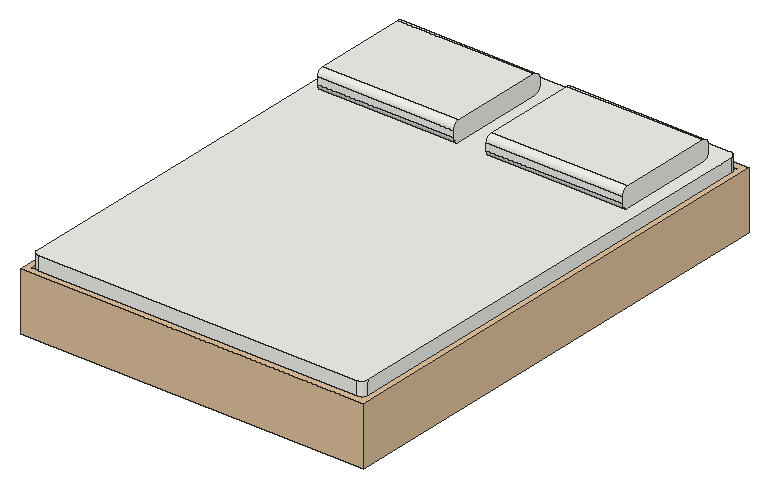
Revit family
Parameters (values of type "1346 x 1880mm - Double")
  Material Frame = Wood - Birch
  Length = 1880.00 mm
  Material Mattress = Textile - White
  Width = 1346.00 mm
  Keynote = "N"
  Assembly Code = ""
Types (3, lengths in mm): name | Length | Width
  1346 x 1880mm - Double | 1880.00 | 1346.00
  1525 x 2007mm - Queen | 2007.00 | 1525.00
  0965 x 1880mm - Twin | 1880.00 | 965.00
Reference planes
  plane 1 "Center (Front/Back)": y = -234.43
  plane 2: z = 0
  plane 3 "Center (Left/Right)": x = 339.152
  plane 4: y = 705.57
  plane 5: y = -1174.43
  plane 6: x = -333.848
  plane 7: x = 1012.152
  plane 8: z = 177.8
  plane 9: y = 603.97
  plane 10: y = 184.87
Forms (mm)
  Sweep 1, solid, material "Wood - Birch" <- "Material Frame"
    path origin (0, -1174.43, 0) x (1, 0, 0) y (0, 0, 1)
      loop
        line (-308.448, 177.8) -> (-257.648, 177.8) -> (-181.577, 14.665)
        arc (-181.577, 14.665) -> (-172.204, 3.978) -> (-158.556, 0) r 25.4
        line (-158.556, 0) -> (-79.944, 0)
        arc (-79.944, 0) -> (-73.37, 0.865) -> (-67.244, 3.403) r 25.4
        line (-67.244, 3.403) -> (-7.147, 38.1) -> (685.452, 38.1) -> (745.549, 3.403)
        arc (745.549, 3.403) -> (751.675, 0.865) -> (758.249, 0) r 25.4
        line (758.249, 0) -> (836.861, 0)
        arc (836.861, 0) -> (850.509, 3.978) -> (859.882, 14.665) r 25.4
        line (859.882, 14.665) -> (935.952, 177.8) -> (986.752, 177.8)
    profile origin (-283.048, -1237.93, 0) x (0, 0, 1) y (0, -1, 0)
      loop
        line (196.85, -292.1) -> (177.8, -292.1) -> (177.8, -368.3) -> (196.85, -368.3) -> (196.85, -292.1)
  Extrusion 2, solid, material "Textile - White" <- "Material Mattress"
    sketch origin (0, 0, 406.4) x (1, 0, 0) y (0, 1, 0)
      loop
        line (961.352, 680.17) -> (-283.048, 680.17)
        arc (-283.048, 680.17) -> (-301.008, 672.731) -> (-308.448, 654.77) r 25.4
        line (-308.448, 654.77) -> (-308.448, -1123.63)
        arc (-308.448, -1123.63) -> (-301.008, -1141.59) -> (-283.048, -1149.03) r 25.4
        line (-283.048, -1149.03) -> (961.352, -1149.03)
        arc (961.352, -1149.03) -> (979.313, -1141.59) -> (986.752, -1123.63) r 25.4
        line (986.752, -1123.63) -> (986.752, 654.77)
        arc (986.752, 654.77) -> (979.313, 672.731) -> (961.352, 680.17) r 25.4
    from 0 to -203.2
  Sweep 3, solid, material "Wood - Birch" <- "Material Frame"
    path origin (0, 705.57, 0) x (1, 0, 0) y (0, 0, 1)
      loop
        line (-308.123, 177.8) -> (-257.323, 177.8) -> (-181.252, 14.665)
        arc (-181.252, 14.665) -> (-171.88, 3.978) -> (-158.232, 0) r 25.4
        line (-158.232, 0) -> (-79.62, 0)
        arc (-79.62, 0) -> (-73.046, 0.865) -> (-66.92, 3.403) r 25.4
        line (-66.92, 3.403) -> (-6.823, 38.1) -> (685.452, 38.1) -> (745.549, 3.403)
        arc (745.549, 3.403) -> (751.675, 0.865) -> (758.249, 0) r 25.4
        line (758.249, 0) -> (836.861, 0)
        arc (836.861, 0) -> (850.509, 3.978) -> (859.882, 14.665) r 25.4
        line (859.882, 14.665) -> (935.952, 177.8) -> (986.752, 177.8)
    profile origin (-282.723, 769.07, 0) x (0, 0, 1) y (0, -1, 0)
      loop
        line (177.8, 393.7) -> (177.8, 317.5) -> (196.85, 317.5) -> (196.85, 393.7) -> (177.8, 393.7)
  Extrusion 4, solid, material "Wood - Birch" <- "Material Frame"
    sketch origin (0, 0, 0) x (1, 0, 0) y (0, 1, 0)
      loop
        line (-333.848, 705.57) -> (-333.848, -1174.43) -> (1012.152, -1174.43) -> (1012.152, 705.57) -> (-333.848, 705.57)
      loop
        line (-308.448, 680.17) -> (-308.448, -1149.03) -> (986.752, -1149.03) -> (986.752, 680.17) -> (-308.448, 680.17)
    from 127 to 355.6
  Sweep 5, solid, material "Textile - White" <- "Material Mattress"
    path origin (0, 0, 0) x (1, 0, 0) y (0, 1, 0)
      loop
        line (-257.648, 603.97) -> (275.652, 603.97)
    profile origin (9.002, 0, 0) x (0, 1, 0) y (0, 0, 1)
      loop
        line (210.27, 406.4) -> (578.57, 406.4)
        arc (578.57, 406.4) -> (596.531, 413.839) -> (603.97, 431.8) r 25.4
        line (603.97, 431.8) -> (603.97, 457.2)
        arc (603.97, 457.2) -> (596.531, 475.161) -> (578.57, 482.6) r 25.4
        line (578.57, 482.6) -> (210.27, 482.6)
        arc (210.27, 482.6) -> (192.31, 475.161) -> (184.87, 457.2) r 25.4
        line (184.87, 457.2) -> (184.87, 431.8)
        arc (184.87, 431.8) -> (192.31, 413.839) -> (210.27, 406.4) r 25.4
  Sweep 6, solid, material "Textile - White" <- "Material Mattress"
    path origin (749.3, 0, 0) x (1, 0, 0) y (0, 1, 0)
      loop
        line (-346.648, 603.97) -> (186.652, 603.97)
    profile origin (669.302, 0, 0) x (0, 1, 0) y (0, 0, 1)
      loop
        line (210.27, 406.4) -> (578.57, 406.4)
        arc (578.57, 406.4) -> (596.531, 413.839) -> (603.97, 431.8) r 25.4
        line (603.97, 431.8) -> (603.97, 457.2)
        arc (603.97, 457.2) -> (596.531, 475.161) -> (578.57, 482.6) r 25.4
        line (578.57, 482.6) -> (210.27, 482.6)
        arc (210.27, 482.6) -> (192.31, 475.161) -> (184.87, 457.2) r 25.4
        line (184.87, 457.2) -> (184.87, 431.8)
        arc (184.87, 431.8) -> (192.31, 413.839) -> (210.27, 406.4) r 25.4
Lines and regions (mm)
  Masking region 1
    outline origin (0, 0, 0) x (1, 0, 0) y (0, 1, 0)
      loop
        line (-333.848, 705.57) -> (-333.848, -1174.43) -> (1012.152, -1174.43) -> (1012.152, 705.57) -> (-333.848, 705.57)
  symbolic lines
    curve 1: line (-333.848, 705.57, 0) -> (1012.152, 705.57, 0)
    curve 2: line (-333.848, 705.57, 0) -> (-333.848, -1174.43, 0)
    curve 3: line (-333.848, -1174.43, 0) -> (1012.152, -1174.43, 0)
    curve 4: line (1012.152, 705.57, 0) -> (1012.152, -1174.43, 0)
    curve 5: line (-308.448, 680.17, 0) -> (986.752, 680.17, 0)
    curve 6: line (-308.448, 680.17, 0) -> (-308.448, -1149.03, 0)
    curve 7: line (-308.448, -1149.03, 0) -> (986.752, -1149.03, 0)
    curve 8: line (986.752, 680.17, 0) -> (986.752, -1149.03, 0)
    curve 9: line (-257.648, 603.97, 0) -> (275.652, 603.97, 0)
    curve 10: line (-257.648, 603.97, 0) -> (-257.648, 248.17, 0)
    curve 11: line (-257.648, 248.17, 0) -> (275.652, 248.17, 0)
    curve 12: line (275.652, 603.97, 0) -> (275.652, 248.17, 0)
    curve 13: line (402.652, 603.97, 0) -> (935.952, 603.97, 0)
    curve 14: line (402.652, 603.97, 0) -> (402.652, 248.17, 0)
    curve 15: line (402.652, 248.17, 0) -> (935.952, 248.17, 0)
    curve 16: line (935.952, 603.97, 0) -> (935.952, 248.17, 0)
    curve 17: line (986.752, 248.17, 0) -> (-308.448, 19.757, 0)
Dimensions and locks
  equal spacing: plane 6, plane 3 "Center (Left/Right)", plane 7
  equal spacing: plane 5, plane 1 "Center (Front/Back)", plane 4
  "Length": plane 5 to plane 4
  "Width": plane 6 to plane 7
  locked: plane 6 to Sweep 1 sketch curve at 76.2
  locked: Sweep 1 sketch curve to Sweep 1 sketch curve at 78.613  (x2)
  locked: Sweep 1 sketch curve to plane 7 at 76.2
  plane 10 to plane 9 to plane 4 = 419.10 mm, 101.60 mm locked
  aligned and locked: Extrusion 2 sketch curve to Extrusion 4  (x4)
  aligned and locked: curve 14 to Sweep 6 sketch curve
  aligned and locked: curve 16 to Sweep 6 sketch curve
  aligned and locked: curve 9 to Sweep 6 sketch curve
  aligned and locked: Masking region 1 sketch curve to Extrusion 4  (x3)
  aligned and locked: Extrusion 4 to Masking region 1 sketch curve
Automatic sketch dimensions
  Sweep 1 sketch curve to profile plane = 0.00 mm
  Sweep 1 sketch curve to profile plane = 19.05 mm
  Sweep 1 sketch curve to plane 5 = 304.80 mm
  Sweep 1 sketch curve to Sweep 1 sketch curve = 76.20 mm
  Sweep 3 sketch curve to profile plane = 0.00 mm
  Sweep 3 sketch curve to profile plane = 19.05 mm
  plane 4 to Sweep 3 sketch curve = 254.00 mm
  Sweep 3 sketch curve to Sweep 3 sketch curve = 76.20 mm
  Extrusion 4 sketch curve to plane 4 = 0.00 mm
  Extrusion 4 sketch curve to plane 6 = 0.00 mm
  Extrusion 4 sketch curve to plane 5 = 0.00 mm
  Extrusion 4 sketch curve to plane 7 = 0.00 mm
  Extrusion 4 sketch curve to plane 6 = 25.40 mm
  plane 7 to Extrusion 4 sketch curve = 25.40 mm
  Extrusion 4 sketch curve to plane 5 = 25.40 mm
  plane 4 to Extrusion 4 sketch curve = 25.40 mm
  Extrusion 2 sketch curve to Extrusion 2 sketch curve = 25.40 mm  (x3)
  plane 4 to Extrusion 2 sketch curve = 50.80 mm
  Sweep 1 sketch curve to level = 0.00 mm  (x2)
  Sweep 1 sketch curve to plane 6 = 25.40 mm
  level to Sweep 1 sketch curve = 14.665 mm  (x2)
  Sweep 1 sketch curve to Sweep 1 sketch curve = 76.071 mm
  Sweep 1 sketch curve to Sweep 1 sketch curve = 23.02 mm  (x2)
  level to Sweep 1 sketch curve = 3.403 mm  (x2)
  Sweep 1 sketch curve to Sweep 1 sketch curve = 12.70 mm  (x2)
  level to Sweep 1 sketch curve = 38.10 mm
  Sweep 1 sketch curve to Sweep 1 sketch curve = 60.097 mm  (x2)
  Sweep 1 sketch curve to Sweep 1 sketch curve = 250.501 mm
  plane 7 to Sweep 1 sketch curve = 25.40 mm
  level to Sweep 1 sketch curve = 177.80 mm  (x2)
  Sweep 3 sketch curve to level = 0.00 mm  (x2)
  Sweep 3 sketch curve to plane 6 = 25.724 mm
  Sweep 3 sketch curve to Sweep 3 sketch curve = 50.80 mm
  level to Sweep 3 sketch curve = 14.665 mm  (x2)
  Sweep 3 sketch curve to plane 6 = 152.595 mm
  level to Sweep 3 sketch curve = 25.40 mm  (x2)
  Sweep 3 sketch curve to Sweep 3 sketch curve = 78.613 mm  (x2)
  level to Sweep 3 sketch curve = 3.403 mm  (x2)
  Sweep 3 sketch curve to Sweep 3 sketch curve = 12.70 mm  (x2)
  level to Sweep 3 sketch curve = 38.10 mm  (x2)
  Sweep 3 sketch curve to Sweep 3 sketch curve = 60.097 mm  (x2)
  plane 7 to Sweep 3 sketch curve = 326.701 mm
  Sweep 3 sketch curve to Sweep 3 sketch curve = 0.00 mm
  plane 7 to Sweep 3 sketch curve = 76.20 mm
  plane 7 to Sweep 3 sketch curve = 25.40 mm
  level to Sweep 3 sketch curve = 177.80 mm  (x2)
  curve 3 to plane 5 = 0.00 mm
  curve 3 to plane 6 = 0.00 mm
  curve 4 to plane 4 = 0.00 mm
  curve 4 to plane 7 = 0.00 mm
  curve 1 to curve 6 = 25.40 mm
  curve 10 to plane 6 = 76.20 mm
  curve 9 to plane 3 "Center (Left/Right)" = 63.50 mm
  plane 3 "Center (Left/Right)" to curve 13 = 63.50 mm
  plane 7 to curve 13 = 76.20 mm
  plane 7 to curve 17 = 25.40 mm
  curve 8 to plane 5 = 25.40 mm
  curve 17 to plane 1 "Center (Front/Back)" = 254.186 mm
  curve 17 to curve 11 = 228.414 mm
  curve 15 to curve 11 = 0.00 mm
  curve 17 to curve 15 = 0.00 mm
  plane 4 to curve 10 = 101.60 mm
  plane 4 to curve 14 = 101.60 mm
  plane 4 to curve 8 = 25.40 mm
  Sweep 5 sketch curve to plane 9 = 0.00 mm
  Sweep 5 sketch curve to plane 6 = 76.20 mm
  Sweep 5 sketch curve to plane 3 "Center (Left/Right)" = 63.50 mm
  Sweep 5 sketch curve to profile plane = 0.00 mm
  profile plane to Sweep 5 sketch curve = 25.40 mm  (x2)
  Sweep 5 sketch curve to Sweep 5 sketch curve = 368.30 mm
  Sweep 5 sketch curve to Sweep 5 sketch curve = 0.00 mm
  Sweep 5 sketch curve to Sweep 5 sketch curve = 25.40 mm  (x2)
  level to Sweep 5 sketch curve = 406.40 mm
  Sweep 6 sketch curve to profile plane = 0.00 mm
  profile plane to Sweep 6 sketch curve = 25.40 mm  (x2)
  Sweep 6 sketch curve to Sweep 6 sketch curve = 368.30 mm
  Sweep 6 sketch curve to Sweep 6 sketch curve = 0.00 mm
  Sweep 6 sketch curve to Sweep 6 sketch curve = 25.40 mm  (x2)
